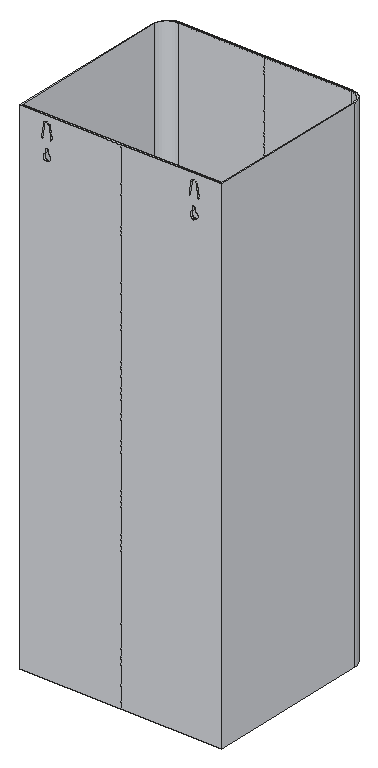
Revit family "AX8929_0009", category Appareils sanitaires, Revit 2016
Family settings
  Hôte = Mur
  Type d'élément = Normal
  Cote de connecteur circulaire = Utiliser le diamètre
  Numéro OmniClass = 23.75.00.00
  Titre OmniClass = Climate Control (HVAC)
  Toujours verticalement = Oui
  Couper avec des vides une fois chargée = Non
  Partagée = Non
  Point de calcul de pièce = Non
Parameters (values of type "Type 1")
  URL = "http://www.axeuro.com/fr/poubelles/25346-poubelle-murale-ax8929.html?search_query=ax8929&results=5"
  Modèle = "AX8929"  # constant formula
  Matériaux = "En inox 304 (18/10) Bactériostatique"  # constant formula
  Finition = "Brossé Poli Satiné HyperPolish"  # constant formula
  Fabricant = "Axeuro"  # constant formula
  Description = "Poubelle murale"  # constant formula
Reference planes
  plane 1 "Mur": y = 0
  plane 2 "Centre (gauche/droite)": x = 0
  plane 3 "Arrière": y = 75
Forms (mm)
  Extrusion 1, solid
    sketch origin (-179.5, -95, 0) x (1, 0, 0) y (0, 1, 0)
      loop
        line (39.5, 170) -> (179.5, 170) -> (319.5, 170) -> (319.5, 399.853)
        arc (319.5, 399.853) -> (313.599, 414.099) -> (299.353, 420) r 20.147
        line (299.353, 420) -> (179.5, 420) -> (59.647, 420)
        arc (59.647, 420) -> (45.401, 414.099) -> (39.5, 399.853) r 20.147
        line (39.5, 399.853) -> (39.5, 170)
      loop
        line (41.4, 399.853) -> (41.4, 171.9) -> (179.5, 171.9) -> (317.6, 171.9) -> (317.6, 399.853)
        arc (317.6, 399.853) -> (312.256, 412.756) -> (299.353, 418.1) r 18.247
        line (299.353, 418.1) -> (179.5, 418.1) -> (59.647, 418.1)
        arc (59.647, 418.1) -> (46.744, 412.756) -> (41.4, 399.853) r 18.247
    from 200 to 900
  Extrusion 2, solid
    sketch origin (0, 0, 0) x (1, 0, 0) y (0, 1, 0)
      loop
        line (-140, 75) -> (140, 75) -> (140, 304.853)
        arc (140, 304.853) -> (134.099, 319.099) -> (119.853, 325) r 20.147
        line (119.853, 325) -> (-119.853, 325)
        arc (-119.853, 325) -> (-134.099, 319.099) -> (-140, 304.853) r 20.147
        line (-140, 304.853) -> (-140, 75)
    from 200 to 201.915
  Extrusion 3, void
    sketch origin (1.703, 0, 119.63) x (-1, 0, 0) y (0, 0, -1)
      loop
        line (-102.277, -733.673) -> (-102.277, -738.673)
        arc (-102.277, -738.673) -> (-100.297, -740.013) -> (-98.316, -738.673) r 2.134
        line (-98.316, -738.673) -> (-98.316, -733.688)
        arc (-98.316, -733.688) -> (-100.255, -723.071) -> (-102.277, -733.673) r 5.49
    from -75 to -77.6
  Extrusion 4, void
    sketch origin (220.353, 0, 226.909) x (1, 0, 0) y (0, 0, 1)
      loop
        arc (-121.35, 661.527) -> (-120.375, 663.341) -> (-118.438, 664.041) r 2.882
        arc (-118.438, 664.041) -> (-116.5, 663.341) -> (-115.525, 661.527) r 2.882
        line (-115.525, 661.527) -> (-113.395, 644.931)
        arc (-113.395, 644.931) -> (-112.242, 644.042) -> (-111.353, 645.195) r 1.029
        line (-111.353, 645.195) -> (-113.5, 661.721)
        arc (-113.5, 661.721) -> (-115.15, 664.831) -> (-118.438, 666.091) r 5.016
        arc (-118.438, 666.091) -> (-121.726, 664.831) -> (-123.376, 661.721) r 5.016
        line (-123.376, 661.721) -> (-125.522, 645.195)
        arc (-125.522, 645.195) -> (-124.633, 644.042) -> (-123.481, 644.931) r 1.029
        line (-123.481, 644.931) -> (-121.35, 661.527)
    from -77.4 to -75
  Extrusion 5, void
    sketch origin (-1.703, 0, 119.63) x (1, 0, 0) y (0, 0, 1)
      loop
        arc (-102.277, 733.673) -> (-100.255, 723.071) -> (-98.316, 733.688) r 5.49
        line (-98.316, 733.688) -> (-98.316, 738.673)
        arc (-98.316, 738.673) -> (-100.297, 740.013) -> (-102.277, 738.673) r 2.134
        line (-102.277, 738.673) -> (-102.277, 733.673)
    from -75 to -77.6
  Extrusion 6, void
    sketch origin (-220.353, 0, 226.909) x (-1, 0, 0) y (0, 0, -1)
      loop
        line (-121.35, -661.527) -> (-123.481, -644.931)
        arc (-123.481, -644.931) -> (-124.633, -644.042) -> (-125.522, -645.195) r 1.029
        line (-125.522, -645.195) -> (-123.376, -661.721)
        arc (-123.376, -661.721) -> (-121.726, -664.831) -> (-118.438, -666.091) r 5.016
        arc (-118.438, -666.091) -> (-115.15, -664.831) -> (-113.5, -661.721) r 5.016
        line (-113.5, -661.721) -> (-111.353, -645.195)
        arc (-111.353, -645.195) -> (-112.242, -644.042) -> (-113.395, -644.931) r 1.029
        line (-113.395, -644.931) -> (-115.525, -661.527)
        arc (-115.525, -661.527) -> (-116.5, -663.341) -> (-118.438, -664.041) r 2.882
        arc (-118.438, -664.041) -> (-120.375, -663.341) -> (-121.35, -661.527) r 2.882
    from -77.4 to -75
Cuts and joins
  Extrusion 3, Extrusion 4, Extrusion 5, Extrusion 6 cuts Extrusion 1
  Extrusion 5 cuts Extrusion 2
  joined: Extrusion 1, Extrusion 2
Text (mm)
  text "Côté de la mise en place" at (-1820.995, 1116.779, 0), in view "Niveau de réf."
  text "Côté de la mise en place" at (0, 1334.055, 2976.191), in view "Gauche"
  text "Côté de la mise en place" at (0, 439.194, 2944.362), in view "Droite"
Dimensions and locks
  locked: plane 3 "Arrière" to host wall
  aligned and locked: plane 1 "Mur" to host wall
